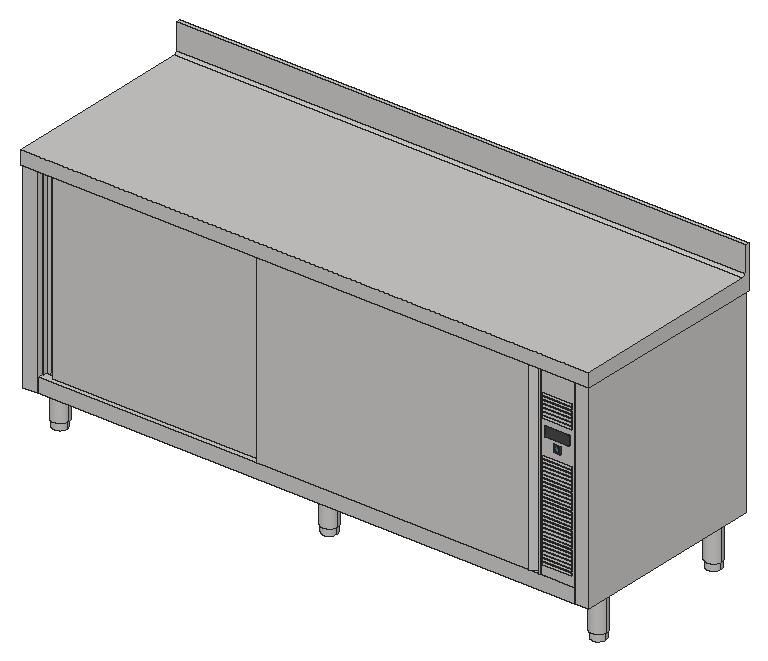
Revit family "QF_ELECTROLUXPROFESSIONAL_132795_MTC2010PN", category Attrezzature speciali, Revit 2020
Family settings
  Quota connettore circolare = Usa diametro
  Tipo di parte = Normale
  Basato su piano di lavoro = No
  Sempre verticale = Sì
  Taglio con vuoti quando caricato = No
  Condiviso = No
  Punto di calcolo locali = No
Parameters (values of type "Standard")
  Weight = 75.00 kg
  Watts = 2400 W
  Volts = 220 V
  URL Manufacturer = "https://www.electroluxprofessional.com/"
  URL = "https://www.electroluxprofessional.com/"
  Steam Supply Size = 0 mm
  Steam Supply Minimum Pressure = 0.0 Pa
  Steam Supply Maximum Pressure = 0.0 Pa
  Steam Consumption per Hour = 0
  Refrigeration Suction Line Size = 0.0 mm
  Refrigeration Liquid Line Size = 0.0 mm
  Refrigerant Compressor Remote = yes
  Prospetto di default = 0.0 mm
  Produttore = "Electrolux Professional"
  Phase = 1
  Modello = "MTC2010PN"
  Length Actual = 2000.0 mm  # constant formula
  Item Number = "132795"
  Hot Water Size = 0 mm
  Height Actual = 1000.0 mm  # constant formula
  HP = "3.2 HP"
  Gas Size = 0 mm
  Gas KW = 0
  Gas Input Pressure = 0 W
  Direct Waste Size = 0 mm
  Descrizione = "HOT CUPB.VENT+UPST+SHELF+SLIDING D. 2000"
  Depth Actual = 700.0 mm  # constant formula
  Cycle = 50 Hz
  Condensate Return Size = 0 mm
  Compressed Air Volume = 0.0 L/s
  Compressed Air Size = 0 mm
  Compressed Air Pressure = 0.0 Pa
  Cold Water Size = 0 mm
  Accessory = yes
Reference planes
  plane 1 "Center (Front/Back)": y = 0
  plane 2: z = 0
  plane 3 "Center (Left/Right)": x = -500
  plane 4 "LEFT": x = -1500
  plane 5 "RIGHT": x = 500
  plane 6 "BACK": y = 350
  plane 7 "FRONT": y = -350
  plane 8 "Base": z = 850
  plane 9 "TOP": z = 900
  plane 10: x = -1446.5
  plane 11: x = 446.5
  plane 12: y = 264.5
  plane 13: y = -241.5
  plane 14 "BodyLeft": x = -1494.5
  plane 15 "BodyFront": y = -344.5
  plane 16 "BodyRight": x = 494.5
  plane 17 "BodyBack": y = 344.5
  plane 18 "FEET": z = 150
  plane 19: x = 324.5
  plane 20: x = -561
  plane 21: x = 444.5
  plane 22 "EIx": x = 400
  plane 23 "EIy": y = -170
Forms (mm)
  Extrusion 1, solid, material "QF_Finishes_Stainless Steel"
    sketch origin (-500, 0, 0) x (0, 1, 0) y (0, 0, 1)
      loop
        line (-350, 850) -> (350, 850) -> (350, 1000) -> (337, 1000) -> (337, 910)
        arc (337, 910) -> (334.071, 902.929) -> (327, 900) r 10
        line (327, 900) -> (-350, 900) -> (-350, 850)
    from 1000 to -1000
  Extrusion 2, solid, material "QF_Finishes_Stainless Steel"
    sketch origin (0, 0, 150) x (-1, 0, 0) y (0, -1, 0)
      loop
        line (1494.5, -344.5) -> (1494.5, 344.5) -> (1444.5, 344.5) -> (1444.5, -344.5) -> (1494.5, -344.5)
      loop
        line (-444.5, -344.5) -> (-444.5, 344.5) -> (-494.5, 344.5) -> (-494.5, -344.5) -> (-444.5, -344.5)
    from 0 to 700
  Extrusion 3, solid, material "QF_Finishes_Stainless Steel"
    sketch origin (0, 0, 150) x (-1, 0, 0) y (0, -1, 0)
      loop
        line (1444.5, -344.5) -> (1444.5, 344.5) -> (-444.5, 344.5) -> (-444.5, -344.5) -> (1444.5, -344.5)
    from 0 to 50
  Extrusion 4, solid, material "QF_Finishes_Stainless Steel"
    sketch origin (-1, 0, 150) x (-1, 0, 0) y (0, -1, 0)
      loop
        line (-325.5, 344.5) -> (-325.5, 324.5) -> (670.5, 324.5) -> (670.5, 344.5) -> (-285.5, 344.5) -> (-305.5, 329.5) -> (-320.5, 329.5) -> (-320.5, 344.5) -> (-325.5, 344.5)
    from 50 to 700
  Extrusion 5, solid, material "QF_Finishes_Stainless Steel"
    sketch origin (1, 20, 150) x (1, 0, 0) y (0, 1, 0)
      loop
        line (-1445.5, -344.5) -> (-1440.5, -344.5) -> (-1440.5, -329.5) -> (-1425.5, -329.5) -> (-1405.5, -344.5) -> (-451.5, -344.5) -> (-451.5, -324.5) -> (-1445.5, -324.5) -> (-1445.5, -344.5)
    from 50 to 700
  Extrusion 6, solid, material "QF_Finishes_Stainless Steel"
    sketch origin (0, 0, 0) x (1, 0, 0) y (0, 1, 0)
      loop
        line (-1444.5, -304.5) -> (324.5, -304.5) -> (324.5, 324.5) -> (-1444.5, 324.5) -> (-1444.5, -304.5)
    from 500 to 540
  Extrusion 7, solid, material "QF_Finishes_Stainless Steel"
    sketch origin (0, 0, 0) x (1, 0, 0) y (0, 1, 0)
      loop
        line (444.5, 344.5) -> (-1444.5, 344.5) -> (-1444.5, 324.5) -> (444.5, 324.5) -> (444.5, 344.5)
    from 200 to 850
  Extrusion 8, solid, material "QF_Finishes_Stainless Steel"
    sketch origin (0, 0, 150) x (-1, 0, 0) y (0, -1, 0)
      loop
        circle (-400, 170) r 10
    from 0 to -5
Cuts and joins
  joined: Extrusion 3, Extrusion 7
Lines and regions (mm)
  symbolic lines
    curve 1: line (500, 350, 900) -> (-1500, 350, 900)
    curve 2: line (-1500, 350, 900) -> (-1500, -350, 900)
    curve 3: line (-1500, -350, 900) -> (500, -350, 900)
    curve 4: line (500, -350, 900) -> (500, 350, 900)
    curve 15: line (500, 337, 900) -> (-1500, 337, 900)
  symbolic lines, style "SpecialityEquipmentHiddenLines"
    curve 5: line (-1494.5, 344.5, 150) -> (494.5, 344.5, 150)
    curve 6: line (-1494.5, -344.5, 150) -> (-1494.5, 344.5, 150)
    curve 7: line (494.5, -344.5, 150) -> (-1494.5, -344.5, 150)
    curve 8: line (494.5, 344.5, 150) -> (494.5, -344.5, 150)
    curve 9: line (-1445.5, -304.5, 150) -> (-449.5, -304.5, 150)
    curve 10: line (-449.5, -304.5, 150) -> (-449.5, -324.5, 150)
    curve 11: line (-1445.5, -324.5, 150) -> (324.5, -324.5, 150)
    curve 12: line (324.5, -324.5, 150) -> (324.5, -344.5, 150)
    curve 13: line (-1445.5, -304.5, 150) -> (-1445.5, -324.5, 150)
    curve 14: line (-671.5, -344.5, 0) -> (-671.5, -324.5, 0)
Dimensions and locks
  plane 4 "LEFT" to plane 5 "RIGHT" = 2000.0 mm
  equal spacing: plane 4 "LEFT", plane 3 "Center (Left/Right)", plane 5 "RIGHT"
  locked: plane 8 "Base" to level at 850
  plane 6 "BACK" to plane 7 "FRONT" = 700.0 mm
  equal spacing: plane 6 "BACK", plane 1 "Center (Front/Back)", plane 7 "FRONT"
  locked: plane 4 "LEFT" to plane 14 "BodyLeft" at 5.5
  locked: plane 16 "BodyRight" to plane 5 "RIGHT" at 5.5
  locked: plane 15 "BodyFront" to plane 7 "FRONT" at 5.5
  locked: plane 6 "BACK" to plane 17 "BodyBack" at 5.5
  locked: plane 14 "BodyLeft" to plane 10 at 48
  locked: plane 11 to plane 16 "BodyRight" at 48
  locked: plane 13 to plane 15 "BodyFront" at 103
  locked: plane 17 "BodyBack" to plane 12 at 80
  plane 10 to plane 11 = 1893.0 mm
  plane 12 to plane 13 = 506.0 mm
  locked: plane 14 "BodyLeft" to Extrusion 2 sketch curve at 50
  locked: Extrusion 2 sketch curve to Extrusion 2 sketch curve at 50
  equal spacing: plane 10, plane 20, plane 19
  locked: plane 21 to plane 16 "BodyRight" at 50
  locked: plane 19 to plane 21 at 120
  locked: Extrusion 4 sketch curve to plane 20 at 110.5
  locked: plane 20 to Extrusion 5 sketch curve at 110.5
  locked: plane 18 "FEET" to level at 150
  locked: plane 22 "EIx" to plane 5 "RIGHT" at 100
  plane 23 "EIy" to plane 7 "FRONT" = 180.0 mm
  locked: Extrusion 1 to level at 1000
  plane 9 "TOP" to level = 900.0 mm
  aligned and locked: level to plane 2
  aligned and locked: plane 10 to nested 1
  aligned and locked: nested 1 to plane 13
  aligned and locked: plane 11 to nested 2
  aligned and locked: nested 2 to plane 13
  aligned and locked: plane 11 to nested 4
  aligned and locked: nested 4 to plane 12
  aligned and locked: plane 10 to nested 3
  aligned and locked: nested 3 to plane 12
  aligned and locked: Extrusion 1 to plane 4 "LEFT"
  aligned and locked: plane 5 "RIGHT" to Extrusion 1
  aligned and locked: curve 2 to plane 4 "LEFT"
  aligned and locked: plane 17 "BodyBack" to Extrusion 2 sketch curve
  aligned and locked: Extrusion 2 sketch curve to plane 15 "BodyFront"
  aligned and locked: Extrusion 2 sketch curve to plane 14 "BodyLeft"
  aligned and locked: plane 16 "BodyRight" to Extrusion 2 sketch curve
  aligned and locked: Extrusion 2 sketch curve to plane 17 "BodyBack"
  aligned and locked: plane 15 "BodyFront" to Extrusion 2 sketch curve
  aligned and locked: Extrusion 3 sketch curve to plane 17 "BodyBack"
  aligned and locked: plane 15 "BodyFront" to Extrusion 3 sketch curve
  aligned and locked: plane 8 "Base" to Extrusion 2
  aligned and locked: plane 8 "Base" to Extrusion 4
  aligned and locked: Extrusion 4 to Extrusion 3
  aligned and locked: Extrusion 1 to plane 8 "Base"
  aligned and locked: plane 9 "TOP" to Extrusion 1
  aligned and locked: curve 5 to plane 17 "BodyBack"
  aligned and locked: plane 14 "BodyLeft" to curve 6
  aligned and locked: plane 15 "BodyFront" to curve 7
  aligned and locked: plane 16 "BodyRight" to curve 8
  aligned and locked: Extrusion 3 to Extrusion 2  (x2)
  aligned and locked: Extrusion 6 sketch curve to Extrusion 2
  aligned and locked: Extrusion 6 sketch curve to Extrusion 5
  aligned and locked: nested 5 to plane 21
  aligned and locked: Extrusion 7 sketch curve to Extrusion 2
  aligned and locked: Extrusion 6 sketch curve to plane 19
  aligned and locked: plane 3 "Center (Left/Right)" to nested 6
  aligned and locked: plane 3 "Center (Left/Right)" to nested 7
Automatic sketch dimensions
  Extrusion 8 sketch curve to plane 22 "EIx" = 0.0 mm
  Extrusion 8 sketch curve to plane 23 "EIy" = 0.0 mm
  curve 14 to plane 15 "BodyFront" = 0.0 mm
  plane 15 "BodyFront" to curve 14 = 20.0 mm
  curve 14 to plane 20 = 110.5 mm
  curve 3 to plane 7 "FRONT" = 0.0 mm
  curve 15 to plane 5 "RIGHT" = 0.0 mm
  curve 4 to plane 6 "BACK" = 0.0 mm
  curve 15 to plane 17 "BodyBack" = 7.5 mm
  Extrusion 1 sketch curve to plane 7 "FRONT" = 0.0 mm
  Extrusion 1 sketch curve to plane 9 "TOP" = 0.0 mm
  Extrusion 1 sketch curve to plane 6 "BACK" = 0.0 mm
  Extrusion 1 sketch curve to plane 8 "Base" = 0.0 mm
  Extrusion 1 sketch curve to plane 17 "BodyBack" = 17.5 mm
  Extrusion 1 sketch curve to plane 17 "BodyBack" = 7.5 mm
  Extrusion 1 sketch curve to Extrusion 1 sketch curve = 90.0 mm
  Extrusion 3 sketch curve to plane 21 = 0.0 mm
  plane 10 to Extrusion 3 sketch curve = 2.0 mm
  Extrusion 4 sketch curve to plane 19 = 0.0 mm
  Extrusion 4 sketch curve to plane 15 "BodyFront" = 0.0 mm  (x2)
  Extrusion 4 sketch curve to Extrusion 4 sketch curve = 5.0 mm
  Extrusion 4 sketch curve to Extrusion 4 sketch curve = 15.0 mm  (x2)
  Extrusion 4 sketch curve to Extrusion 4 sketch curve = 20.0 mm
  plane 15 "BodyFront" to Extrusion 4 sketch curve = 20.0 mm
  Extrusion 5 sketch curve to plane 15 "BodyFront" = 20.0 mm  (x2)
  Extrusion 5 sketch curve to plane 10 = 42.0 mm
  Extrusion 5 sketch curve to plane 10 = 22.0 mm
  Extrusion 5 sketch curve to plane 10 = 7.0 mm
  Extrusion 5 sketch curve to plane 10 = 2.0 mm
  Extrusion 5 sketch curve to Extrusion 5 sketch curve = 15.0 mm
  Extrusion 5 sketch curve to Extrusion 5 sketch curve = 20.0 mm
  Extrusion 6 sketch curve to plane 17 "BodyBack" = 20.0 mm
  Extrusion 7 sketch curve to plane 21 = 0.0 mm
  Extrusion 7 sketch curve to plane 17 "BodyBack" = 0.0 mm
  Extrusion 7 sketch curve to Extrusion 7 sketch curve = 20.0 mm
  curve 11 to plane 19 = 0.0 mm
  curve 7 to plane 15 "BodyFront" = 0.0 mm
  plane 3 "Center (Left/Right)" to curve 10 = 50.5 mm
  plane 10 to curve 13 = 1.0 mm
  plane 15 "BodyFront" to curve 9 = 40.0 mm
  plane 15 "BodyFront" to curve 13 = 20.0 mm
  radius of Extrusion 8 sketch curve = 10.0 mm
Nested families
  nested 1: "FEET_D58-150" at (-1446.5, -241.5, 0), type "FEET_D58-150"
  nested 2: "FEET_D58-150" at (446.5, -241.5, 0), type "FEET_D58-150"
  nested 3: "FEET_D58-150" at (-1446.5, 264.5, 0), type "FEET_D58-150"
  nested 4: "FEET_D58-150" at (446.5, 264.5, 0), type "FEET_D58-150"
  nested 5: "WT_PNL120x650" at (531.42, -304.5, 600) x (1, 0, 0) z (0, -1, 0), type "WT_PNL120x650"
    with Show Logo yes
  nested 6: "FEET_D58-150" at (-500, -241.5, 0), type "FEET_D58-150"
  nested 7: "FEET_D58-150" at (-500, 264.5, 0), type "FEET_D58-150"
Connectors
  electrical at (400, -170, 145)
    settings: on Extrusion 8, index 1, voltage 0 V, apparent load 0 VA, apparent load phase1 0 VA, apparent load phase2 0 VA, apparent load phase3 0 VA, power factor 1, load classification "Other", number of poles 1, system type 30, power factor state 1, is connector primary yes, connector utility no, sub classification motor no, connector description "Electrical connection"
Definition of nested family "FEET_D58-150"
  Parameters
    Default Elevation = 0.0 mm
    FEET = 150.0 mm
  Reference planes
    plane 1 "Center (Front/Back)": y = 0
    plane 2: z = 0
    plane 3 "Center (Left/Right)": x = 0
    plane 4: z = 150
  Forms (mm)
    Extrusion 1, solid
      sketch origin (0, 0, 0) x (1, 0, 0) y (0, 1, 0)
        loop
          circle (0, 0) r 25
      from 0 to 25
    Extrusion 2, solid
      sketch origin (0, 0, 0) x (1, 0, 0) y (0, 1, 0)
        loop
          circle (0.061, 0) r 29
      from 25 to 150 <- "FEET"
  Lines and regions (mm)
    symbolic lines
      curve 1: line (0, -1.503, 0) -> (0, 1.508, 0)
      curve 2: line (1.561, 0, 0) -> (-1.439, 0, 0)
  Dimensions and locks
    "FEET": plane 4 to plane 2
    aligned and locked: level to plane 2
  Automatic sketch dimensions
    plane 1 "Center (Front/Back)" to Extrusion 1 sketch curve = 0.0 mm
    Extrusion 1 sketch curve to plane 3 "Center (Left/Right)" = 0.0 mm
    plane 1 "Center (Front/Back)" to curve 2 = 0.0 mm
    curve 1 to plane 3 "Center (Left/Right)" = 0.0 mm
    curve 2 to plane 3 "Center (Left/Right)" = 1.439 mm
    plane 3 "Center (Left/Right)" to curve 2 = 1.561 mm
    plane 1 "Center (Front/Back)" to curve 1 = 1.503 mm
    curve 1 to plane 1 "Center (Front/Back)" = 1.508 mm
    plane 1 "Center (Front/Back)" to Extrusion 2 sketch curve = 0.0 mm
    plane 3 "Center (Left/Right)" to Extrusion 2 sketch curve = 0.061 mm
    radius of Extrusion 1 sketch curve = 25.0 mm
    radius of Extrusion 2 sketch curve = 29.0 mm
Definition of nested family "WT_PNL120x650"
  Parameters
    Show Logo [instance] = yes
    Default Elevation = 1219.2 mm
  Reference planes
    plane 1 "Center (Front/Back)": y = -75
    plane 2: z = 0
    plane 3 "Center (Left/Right)": x = -146.92
    plane 4: x = -206.92
    plane 5: x = -86.92
    plane 6: y = 250
    plane 7: y = -400
    plane 8 "TOP": z = 40
  Forms (mm)
    Extrusion 1, solid
      sketch origin (0, 0, 0) x (1, 0, 0) y (0, 1, 0)
        loop
          line (-1219.2, 1219.2) -> (-1219.2, -1219.2) -> (1219.2, -1219.2) -> (1219.2, 1219.2) -> (-1219.2, 1219.2)
      from 0 to -304.8
    Extrusion 2, solid
      sketch origin (0, 0, 0) x (1, 0, 0) y (0, 1, 0)
        loop
          line (-206.92, 250) -> (-206.92, -400) -> (-86.92, -400) -> (-86.92, 250) -> (-206.92, 250)
      from 0 to 40
    Extrusion 3, void
      sketch origin (0, 0, 40) x (-1, 0, 0) y (0, -1, 0)
        loop
          arc (101.92, -68.899) -> (103.795, -73.256) -> (108.247, -74.89) r 6
          line (108.247, -74.89) -> (185.92, -74.89)
          arc (185.92, -74.89) -> (190.163, -73.133) -> (191.92, -68.89) r 6
          line (191.92, -68.89) -> (191.92, -45.89)
          arc (191.92, -45.89) -> (190.163, -41.648) -> (185.92, -39.89) r 6
          line (185.92, -39.89) -> (107.92, -39.89)
          arc (107.92, -39.89) -> (103.677, -41.648) -> (101.92, -45.89) r 6
          line (101.92, -45.89) -> (101.92, -68.899)
        loop
          line (158.92, -27.89) -> (158.92, -2.89) -> (134.92, -2.89) -> (134.92, -27.89) -> (158.92, -27.89)
      from -2 to 0
    Extrusion 4, solid
      sketch origin (0, 0, 40) x (-1, 0, 0) y (0, -1, 0)
        loop
          line (185.92, -39.89) -> (107.92, -39.89)
          arc (107.92, -39.89) -> (103.677, -41.648) -> (101.92, -45.89) r 6
          line (101.92, -45.89) -> (101.92, -68.899)
          arc (101.92, -68.899) -> (103.795, -73.256) -> (108.247, -74.89) r 6
          line (108.247, -74.89) -> (185.92, -74.89)
          arc (185.92, -74.89) -> (190.163, -73.133) -> (191.92, -68.89) r 6
          line (191.92, -68.89) -> (191.92, -45.89)
          arc (191.92, -45.89) -> (190.163, -41.648) -> (185.92, -39.89) r 6
      from -2 to 1
    Extrusion 5, solid
      sketch origin (-146.92, 0, 0) x (0, 1, 0) y (0, 0, 1)
        loop
          line (95.896, 40) -> (104.899, 40) -> (95.896, 41.206) -> (95.896, 40)
        loop
          line (107.896, 40) -> (116.899, 40) -> (107.896, 41.206) -> (107.896, 40)
        loop
          line (119.896, 40) -> (128.899, 40) -> (119.896, 41.206) -> (119.896, 40)
        loop
          line (131.896, 40) -> (140.899, 40) -> (131.896, 41.206) -> (131.896, 40)
        loop
          line (143.896, 40) -> (152.899, 40) -> (143.896, 41.206) -> (143.896, 40)
        loop
          line (155.896, 40) -> (164.899, 40) -> (155.896, 41.206) -> (155.896, 40)
        loop
          line (167.896, 40) -> (176.899, 40) -> (167.896, 41.206) -> (167.896, 40)
        loop
          line (-102.104, 40) -> (-93.101, 40) -> (-102.104, 41.206) -> (-102.104, 40)
        loop
          line (-90.104, 40) -> (-81.101, 40) -> (-90.104, 41.206) -> (-90.104, 40)
        loop
          line (-78.104, 40) -> (-69.101, 40) -> (-78.104, 41.206) -> (-78.104, 40)
        loop
          line (-66.104, 40) -> (-57.101, 40) -> (-66.104, 41.206) -> (-66.104, 40)
        loop
          line (-54.104, 40) -> (-45.101, 40) -> (-54.104, 41.206) -> (-54.104, 40)
        loop
          line (-42.104, 40) -> (-33.101, 40) -> (-42.104, 41.206) -> (-42.104, 40)
        loop
          line (-30.104, 40) -> (-21.101, 40) -> (-30.104, 41.206) -> (-30.104, 40)
        loop
          line (-174.104, 40) -> (-165.101, 40) -> (-174.104, 41.206) -> (-174.104, 40)
        loop
          line (-162.104, 40) -> (-153.101, 40) -> (-162.104, 41.206) -> (-162.104, 40)
        loop
          line (-150.104, 40) -> (-141.101, 40) -> (-150.104, 41.206) -> (-150.104, 40)
        loop
          line (-138.104, 40) -> (-129.101, 40) -> (-138.104, 41.206) -> (-138.104, 40)
        loop
          line (-126.104, 40) -> (-117.101, 40) -> (-126.104, 41.206) -> (-126.104, 40)
        loop
          line (-114.104, 40) -> (-105.101, 40) -> (-114.104, 41.206) -> (-114.104, 40)
        loop
          line (-246.104, 40) -> (-237.101, 40) -> (-246.104, 41.206) -> (-246.104, 40)
        loop
          line (-234.104, 40) -> (-225.101, 40) -> (-234.104, 41.206) -> (-234.104, 40)
        loop
          line (-222.104, 40) -> (-213.101, 40) -> (-222.104, 41.206) -> (-222.104, 40)
        loop
          line (-210.104, 40) -> (-201.101, 40) -> (-210.104, 41.206) -> (-210.104, 40)
        loop
          line (-198.104, 40) -> (-189.101, 40) -> (-198.104, 41.206) -> (-198.104, 40)
        loop
          line (-186.104, 40) -> (-177.101, 40) -> (-186.104, 41.206) -> (-186.104, 40)
        loop
          line (-318.104, 40) -> (-309.101, 40) -> (-318.104, 41.206) -> (-318.104, 40)
        loop
          line (-306.104, 40) -> (-297.101, 40) -> (-306.104, 41.206) -> (-306.104, 40)
        loop
          line (-294.104, 40) -> (-285.101, 40) -> (-294.104, 41.206) -> (-294.104, 40)
        loop
          line (-282.104, 40) -> (-273.101, 40) -> (-282.104, 41.206) -> (-282.104, 40)
        loop
          line (-270.104, 40) -> (-261.101, 40) -> (-270.104, 41.206) -> (-270.104, 40)
        loop
          line (-258.104, 40) -> (-249.101, 40) -> (-258.104, 41.206) -> (-258.104, 40)
        loop
          line (-366.104, 40) -> (-357.101, 40) -> (-366.104, 41.206) -> (-366.104, 40)
        loop
          line (-354.104, 40) -> (-345.101, 40) -> (-354.104, 41.206) -> (-354.104, 40)
        loop
          line (-342.104, 40) -> (-333.101, 40) -> (-342.104, 41.206) -> (-342.104, 40)
        loop
          line (-330.104, 40) -> (-321.101, 40) -> (-330.104, 41.206) -> (-330.104, 40)
      from -50 to 50
    Extrusion 6, solid
      sketch origin (0, 0, 40) x (-1, 0, 0) y (0, -1, 0)
        loop
          line (134.92, -27.89) -> (158.92, -27.89) -> (158.92, -2.89) -> (134.92, -2.89) -> (134.92, -27.89)
        loop
          circle (146.92, -15.39) r 9
      from -2 to 3
    Extrusion 7, solid
      sketch origin (0, 0, 40) x (-1, 0, 0) y (0, -1, 0)
        loop
          circle (146.92, -15.39) r 9
      from 0 to 3
  Cuts and joins
    Extrusion 3 cuts Extrusion 2
  Dimensions and locks
    equal spacing: plane 6, plane 1 "Center (Front/Back)", plane 7
    equal spacing: plane 4, plane 3 "Center (Left/Right)", plane 5
    plane 8 "TOP" to level = 40.0 mm
    aligned and locked: plane 2 to Extrusion 1
    aligned and locked: level to Extrusion 1
  Automatic sketch dimensions
    Extrusion 1 sketch curve to Extrusion 1 sketch curve = 2438.4 mm  (x2)
    Extrusion 2 sketch curve to plane 4 = 0.0 mm
    Extrusion 2 sketch curve to plane 5 = 0.0 mm
    Extrusion 2 sketch curve to plane 7 = 0.0 mm
    Extrusion 2 sketch curve to plane 6 = 0.0 mm
    Extrusion 5 sketch curve to plane 8 "TOP" = 0.0 mm  (x36)
    Extrusion 5 sketch curve to Extrusion 5 sketch curve = 9.003 mm  (x35)
    plane 8 "TOP" to Extrusion 5 sketch curve = 1.206 mm  (x22)
    Extrusion 5 sketch curve to Extrusion 5 sketch curve = 2.997 mm  (x33)
    plane 1 "Center (Front/Back)" to Extrusion 5 sketch curve = 6.101 mm
    plane 1 "Center (Front/Back)" to Extrusion 5 sketch curve = 3.104 mm
    Extrusion 5 sketch curve to plane 1 "Center (Front/Back)" = 5.899 mm
    Extrusion 5 sketch curve to Extrusion 5 sketch curve = 116.997 mm
    Extrusion 5 sketch curve to Extrusion 5 sketch curve = 1.206 mm  (x14)
    Extrusion 4 sketch curve to plane 5 = 15.0 mm
    Extrusion 4 sketch curve to Extrusion 4 sketch curve = 6.0 mm  (x3)
    Extrusion 4 sketch curve to Extrusion 4 sketch curve = 0.327 mm
    plane 4 to Extrusion 4 sketch curve = 21.0 mm  (x2)
    Extrusion 4 sketch curve to plane 1 "Center (Front/Back)" = 149.89 mm
    Extrusion 4 sketch curve to Extrusion 4 sketch curve = 23.009 mm
    Extrusion 3 sketch curve to plane 5 = 15.0 mm
    Extrusion 3 sketch curve to Extrusion 3 sketch curve = 6.0 mm  (x3)
    Extrusion 3 sketch curve to Extrusion 3 sketch curve = 0.327 mm
    plane 3 "Center (Left/Right)" to Extrusion 3 sketch curve = 12.0 mm
    Extrusion 3 sketch curve to plane 3 "Center (Left/Right)" = 12.0 mm
    plane 4 to Extrusion 3 sketch curve = 21.0 mm  (x2)
    Extrusion 3 sketch curve to plane 1 "Center (Front/Back)" = 149.89 mm
    Extrusion 3 sketch curve to Extrusion 3 sketch curve = 23.0 mm
    Extrusion 3 sketch curve to Extrusion 3 sketch curve = 12.0 mm
    Extrusion 3 sketch curve to Extrusion 3 sketch curve = 25.0 mm
    Extrusion 6 sketch curve to plane 3 "Center (Left/Right)" = 0.0 mm
    plane 3 "Center (Left/Right)" to Extrusion 6 sketch curve = 12.0 mm
    Extrusion 6 sketch curve to plane 3 "Center (Left/Right)" = 12.0 mm
    Extrusion 6 sketch curve to plane 1 "Center (Front/Back)" = 102.89 mm
    Extrusion 6 sketch curve to Extrusion 6 sketch curve = 12.5 mm  (x2)
    Extrusion 7 sketch curve to plane 3 "Center (Left/Right)" = 0.0 mm
    Extrusion 7 sketch curve to plane 1 "Center (Front/Back)" = 90.39 mm
    radius of Extrusion 6 sketch curve = 9.0 mm
    radius of Extrusion 7 sketch curve = 9.0 mm
